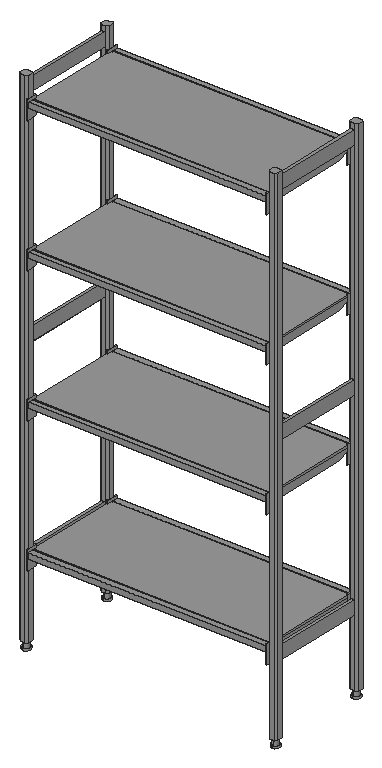
Revit family "QF_ZANUSSI_137011_ALS862", category Attrezzature speciali, Revit 2020
Family settings
  Quota connettore circolare = Usa diametro
  Tipo di parte = Normale
  Basato su piano di lavoro = No
  Sempre verticale = Sì
  Taglio con vuoti quando caricato = No
  Condiviso = No
  Punto di calcolo locali = No
Parameters (values of type "Standard")
  Weight = 17.00 kg
  Watts = 0 W
  Volts = 0 V
  URL Manufacturer = "http://www.zanussiprofessional.com"
  URL = "http://www.zanussiprofessional.com"
  Steam Supply Size = 0 mm
  Steam Supply Minimum Pressure = 0.0 Pa
  Steam Supply Maximum Pressure = 0.0 Pa
  Steam Consumption per Hour = 0
  Refrigeration Suction Line Size = 0.0 mm
  Refrigeration Liquid Line Size = 0.0 mm
  Refrigerant Compressor Remote = yes
  Prospetto di default = 0.0 mm
  Phase = 0
  Modello = "ALS862"
  Produttore = "Zanussi"
  Length Actual = 862.0 mm  # constant formula
  Item Number = "137011"
  Hot Water Size = 0 mm
  Height Actual = 1700.0 mm  # constant formula
  HP = "0 HP"
  Gas Size = 0 mm
  Gas KW = 0
  Gas Input Pressure = 0 W
  Direct Waste Size = 0 mm
  Descrizione = "ALUM.LINEAR SHELV.-POLY.TIERS-373X862MM"
  Depth Actual = 373.0 mm  # constant formula
  Cycle = 0 Hz
  Condensate Return Size = 0 mm
  Compressed Air Volume = 0.0 L/s
  Compressed Air Size = 0 mm
  Compressed Air Pressure = 0.0 Pa
  Cold Water Size = 0 mm
  Accessory = yes
Reference planes
  plane 1: z = 0
  plane 2 "Center (Left/Right)": x = -31
  plane 3 "LEFT": x = -462
  plane 4 "RIGHT": x = 400
  plane 5 "BACK": y = 23
  plane 6 "FRONT": y = -350
  plane 7 "TOP": z = 1700
  plane 8: x = 395
  plane 9: x = -430
  plane 10: x = 368
  plane 11 "Center (Front/Back)": y = -163.5
  plane 12: x = 363
  plane 13: y = -8.5
  plane 14: y = -318.5
  plane 15 "FEET": z = 25
  plane 16: z = 275
  plane 17: z = 725
  plane 18: z = 1175
  plane 19: z = 1625
  plane 20 "CXLeft": x = -448
  plane 21 "CXRight": x = 386
  plane 22: y = 5.5
  plane 23 "CYBack": y = 5.5
  plane 24 "CYFront": y = -332.5
Forms (mm)
  Extrusion 1, solid, material "QF_Aluminum"
    sketch origin (-462, 0, 0) x (0, 1, 0) y (0, 0, 1)
      loop
        line (4, 1650.994) -> (4, 1632.998) -> (23, 1632.998) -> (23, 1650.994) -> (4, 1650.994)
      loop
        line (-331, 1650.994) -> (-350, 1650.994) -> (-350, 1632.998) -> (-331, 1632.998) -> (-331, 1650.994)
      loop
        line (4, 1200.994) -> (4, 1182.998) -> (23, 1182.998) -> (23, 1200.994) -> (4, 1200.994)
      loop
        line (-331, 1200.994) -> (-350, 1200.994) -> (-350, 1182.998) -> (-331, 1182.998) -> (-331, 1200.994)
      loop
        line (4, 750.994) -> (4, 732.998) -> (23, 732.998) -> (23, 750.994) -> (4, 750.994)
      loop
        line (-331, 750.994) -> (-350, 750.994) -> (-350, 732.998) -> (-331, 732.998) -> (-331, 750.994)
      loop
        line (4, 300.994) -> (4, 282.998) -> (23, 282.998) -> (23, 300.994) -> (4, 300.994)
      loop
        line (-331, 300.994) -> (-350, 300.994) -> (-350, 282.998) -> (-331, 282.998) -> (-331, 300.994)
    from 32 to 830
  Extrusion 2, solid, material "QF_Polyethylene"
    sketch origin (-462, 0, 0) x (0, 1, 0) y (0, 0, 1)
      loop
        line (2.007, 1650.994) -> (-329, 1650.994) -> (-329, 1644.496) -> (2.007, 1644.496) -> (2.007, 1650.994)
      loop
        line (2.007, 1200.994) -> (-329, 1200.994) -> (-329, 1194.496) -> (2.007, 1194.496) -> (2.007, 1200.994)
      loop
        line (2.007, 750.994) -> (-329, 750.994) -> (-329, 744.496) -> (2.007, 744.496) -> (2.007, 750.994)
      loop
        line (2.007, 300.994) -> (-329, 300.994) -> (-329, 294.496) -> (2.007, 294.496) -> (2.007, 300.994)
    from 32 to 830
  Extrusion 3, solid, material "QF_Aluminum"
    sketch origin (400, 0, 0) x (0, 1, 0) y (0, 0, 1)
      loop
        line (-12, 1632.998) -> (4, 1632.998) -> (4, 1650.994) -> (2.007, 1650.994) -> (2.007, 1644.496) -> (-329, 1644.496) -> (-329, 1650.994) -> (-331, 1650.994) -> (-331, 1632.998) -> (-315, 1632.998) -> (-281, 1620.994) -> (-46, 1620.994) -> (-12, 1632.998)
      loop
        line (-12, 1182.998) -> (4, 1182.998) -> (4, 1200.994) -> (2.007, 1200.994) -> (2.007, 1194.496) -> (-329, 1194.496) -> (-329, 1200.994) -> (-331, 1200.994) -> (-331, 1182.998) -> (-315, 1182.998) -> (-281, 1170.994) -> (-46, 1170.994) -> (-12, 1182.998)
      loop
        line (-12, 732.998) -> (4, 732.998) -> (4, 750.994) -> (2.007, 750.994) -> (2.007, 744.496) -> (-329, 744.496) -> (-329, 750.994) -> (-331, 750.994) -> (-331, 732.998) -> (-315, 732.998) -> (-281, 720.994) -> (-46, 720.994) -> (-12, 732.998)
      loop
        line (-12, 282.998) -> (4, 282.998) -> (4, 300.994) -> (2.007, 300.994) -> (2.007, 294.496) -> (-329, 294.496) -> (-329, 300.994) -> (-331, 300.994) -> (-331, 282.998) -> (-315, 282.998) -> (-281, 270.994) -> (-46, 270.994) -> (-12, 282.998)
    from -32 to -37
Lines and regions (mm)
  symbolic lines
    curve 1: line (368, 4, 1700) -> (-430, 4, 1700)
    curve 2: line (-434, 23, 1700) -> (372, 23, 1700)
    curve 3: line (372, 13.246, 1700) -> (378.254, 19.5, 1700)
    curve 4: line (378.254, -8.5, 1700) -> (372, -2.246, 1700)
    curve 5: line (378.254, -318.5, 1700) -> (372, -324.754, 1700)
    curve 6: line (-434, -350, 1700) -> (372, -350, 1700)
    curve 7: line (372, 23, 1700) -> (372, -12.993, 1700)
    curve 8: line (372, -12.993, 1700) -> (368, -12.993, 1700)
    curve 9: line (372, -350, 1700) -> (372, -314.007, 1700)
    curve 10: line (372, -314.007, 1700) -> (368, -314.007, 1700)
    curve 11: line (-430, -12.993, 1700) -> (-430, -314.007, 1700)
    curve 12: line (-430, -331, 1700) -> (368, -331, 1700)
    curve 13: line (368, -12.993, 1700) -> (368, -314.007, 1700)
Dimensions and locks
  locked: plane 3 "LEFT" to plane 4 "RIGHT" at 862
  equal spacing: plane 3 "LEFT", plane 2 "Center (Left/Right)", plane 4 "RIGHT"
  locked: plane 7 "TOP" to level at 1700
  locked: plane 5 "BACK" to plane 6 "FRONT" at 373
  locked: plane 4 "RIGHT" to plane 8 at 5
  locked: plane 9 to plane 10 at 798
  locked: plane 3 "LEFT" to plane 9 at 32
  plane 12 to plane 10 = 5.0 mm
  locked: plane 13 to plane 14 at 310
  equal spacing: plane 13, plane 11 "Center (Front/Back)", plane 14
  equal spacing: plane 5 "BACK", plane 11 "Center (Front/Back)", plane 6 "FRONT"
  plane 15 "FEET" to level = 25.0 mm
  plane 7 "TOP" to plane 15 "FEET" = 1675.0 mm
  plane 16 to plane 15 "FEET" = 250.0 mm
  plane 17 to plane 16 = 450.0 mm
  plane 18 to plane 17 = 450.0 mm
  plane 19 to plane 18 = 450.0 mm
  locked: plane 3 "LEFT" to plane 20 "CXLeft" at 14
  locked: plane 21 "CXRight" to plane 4 "RIGHT" at 14
  locked: plane 5 "BACK" to plane 23 "CYBack" at 17.5
  locked: plane 24 "CYFront" to plane 6 "FRONT" at 17.5
  aligned and locked: level to plane 1
  aligned and locked: plane 9 to Extrusion 2
  aligned and locked: Extrusion 2 to plane 10
  aligned and locked: plane 9 to Extrusion 1
  aligned and locked: Extrusion 1 to plane 10
  aligned and locked: Extrusion 1 sketch curve to Extrusion 1 sketch curve  (x2)
  aligned and locked: Extrusion 3 sketch curve to Extrusion 3 sketch curve  (x3)
  aligned and locked: Extrusion 3 to plane 12
  aligned and locked: Extrusion 3 to plane 10
  aligned and locked: plane 20 "CXLeft" to nested 1
  aligned and locked: plane 21 "CXRight" to nested 2
Automatic sketch dimensions
  Extrusion 1 sketch curve to plane 6 "FRONT" = 0.0 mm  (x4)
  Extrusion 1 sketch curve to plane 5 "BACK" = 0.0 mm  (x4)
  plane 24 "CYFront" to Extrusion 1 sketch curve = 1.5 mm  (x2)
  plane 22 to Extrusion 1 sketch curve = 1.5 mm  (x4)
  plane 16 to Extrusion 1 sketch curve = 7.998 mm  (x2)
  Extrusion 1 sketch curve to Extrusion 1 sketch curve = 17.997 mm  (x8)
  plane 17 to Extrusion 1 sketch curve = 7.998 mm  (x2)
  plane 18 to Extrusion 1 sketch curve = 7.998 mm  (x2)
  plane 19 to Extrusion 1 sketch curve = 7.998 mm  (x2)
  plane 24 "CYFront" to Extrusion 2 sketch curve = 3.5 mm  (x4)
  plane 22 to Extrusion 2 sketch curve = 3.493 mm  (x4)
  plane 16 to Extrusion 2 sketch curve = 19.496 mm
  Extrusion 2 sketch curve to Extrusion 2 sketch curve = 6.499 mm  (x4)
  plane 17 to Extrusion 2 sketch curve = 19.496 mm
  plane 18 to Extrusion 2 sketch curve = 19.496 mm
  plane 19 to Extrusion 2 sketch curve = 19.496 mm
  plane 24 "CYFront" to Extrusion 3 sketch curve = 1.5 mm  (x4)
  Extrusion 3 sketch curve to Extrusion 3 sketch curve = 2.0 mm
  plane 14 to Extrusion 3 sketch curve = 3.5 mm  (x4)
  Extrusion 3 sketch curve to plane 16 = 4.006 mm
  Extrusion 3 sketch curve to Extrusion 3 sketch curve = 34.0 mm  (x4)
  Extrusion 3 sketch curve to plane 17 = 4.006 mm
  Extrusion 3 sketch curve to plane 18 = 4.006 mm
  Extrusion 3 sketch curve to plane 19 = 4.006 mm
  Extrusion 3 sketch curve to plane 13 = 37.5 mm  (x4)
  Extrusion 3 sketch curve to plane 13 = 3.5 mm  (x4)
  plane 22 to Extrusion 3 sketch curve = 3.493 mm  (x4)
  plane 22 to Extrusion 3 sketch curve = 1.5 mm  (x4)
  plane 16 to Extrusion 3 sketch curve = 7.998 mm  (x2)
  Extrusion 3 sketch curve to Extrusion 3 sketch curve = 11.498 mm  (x4)
  Extrusion 3 sketch curve to Extrusion 3 sketch curve = 6.499 mm  (x8)
  plane 17 to Extrusion 3 sketch curve = 7.998 mm  (x2)
  plane 18 to Extrusion 3 sketch curve = 7.998 mm  (x2)
  plane 19 to Extrusion 3 sketch curve = 7.998 mm  (x2)
  curve 6 to plane 6 "FRONT" = 0.0 mm
  curve 12 to plane 9 = 0.0 mm
  curve 12 to plane 10 = 0.0 mm
  curve 5 to plane 14 = 0.0 mm
  curve 11 to plane 9 = 0.0 mm
  curve 8 to plane 10 = 0.0 mm
  curve 4 to plane 13 = 0.0 mm
  curve 1 to plane 9 = 0.0 mm
  curve 1 to plane 10 = 0.0 mm
  curve 2 to plane 5 "BACK" = 0.0 mm
  plane 14 to curve 10 = 4.493 mm
  curve 7 to plane 13 = 4.493 mm
  curve 10 to plane 10 = 4.0 mm
  curve 7 to plane 10 = 4.0 mm
  plane 24 "CYFront" to curve 12 = 1.5 mm
  curve 5 to plane 14 = 6.254 mm
  plane 14 to curve 11 = 4.493 mm
  curve 11 to plane 13 = 4.493 mm
  plane 13 to curve 4 = 6.254 mm
  plane 22 to curve 1 = 1.5 mm
  curve 3 to plane 22 = 7.746 mm
  curve 3 to plane 5 "BACK" = 3.5 mm
  curve 5 to curve 9 = 6.254 mm
  curve 3 to curve 2 = 6.254 mm
  curve 4 to curve 7 = 6.254 mm
  plane 9 to curve 2 = 4.0 mm
  plane 9 to curve 6 = 4.0 mm
Nested families
  nested 1: "WT_Anta373" at (-45, 0, 0), type "WT_Anta373"
  nested 2: "WT_Anta373" at (-17, 0, 0) x (-1, 0, 0) z (0, 0, 1), type "WT_Anta373"
Definition of nested family "WT_Anta373"
  Parameters
    WidthLeft = A + 64.0 mm  # 772.0 mm
    Width = 1606.0 mm
    Right = WidthLeft / 2  # 386.0 mm
    Default Elevation = 0.0 mm
    Left = -WidthLeft / 2  # -386.0 mm
    Height = 1725.0 mm
    FEET = 25.0 mm
    E = 0.0 mm
    Dint = Depth - 63.0 mm  # 310.0 mm
    Dext = Depth - 8.0 mm  # 365.0 mm
    Depth = 373.0 mm
    DX = (WidthLeft - A) / 2  # 32.0 mm
    B = 798.0 mm
    A = 708.0 mm
  Reference planes
    plane 1: z = 0
    plane 2 "LEFT": x = -417
    plane 3 "BACK": y = 23
    plane 4 "FRONT": y = -350
    plane 5 "TOP": z = 1725
    plane 6 "Center (Front/Back)": y = -163.5
    plane 7: y = -8.5
    plane 8: y = -318.5
    plane 9 "FEET": z = 25
    plane 10: z = 275
    plane 11: z = 725
    plane 12: z = 1175
    plane 13: z = 1625
    plane 14 "CXLeft": x = -403
    plane 15: y = 5.5
    plane 16 "CYBack": y = 5.5
    plane 17 "CYFront": y = -332.5
    plane 18: x = -385.031
    plane 19: x = -380.031
  Forms (mm)
    Extrusion 1, solid
      sketch origin (0, 0, 0) x (1, 0, 0) y (0, 1, 0)
        loop
          line (-417, 13.246) -> (-417, -2.246) -> (-410.746, -8.5) -> (-395.254, -8.5) -> (-389, -2.246) -> (-389, 13.246) -> (-395.254, 19.5) -> (-410.746, 19.5) -> (-417, 13.246)
      from 1725 to 25
    Extrusion 2, solid
      sketch origin (-417, 0, 0) x (0, 1, 0) y (0, 0, 1)
        loop
          line (23, 246.005) -> (23, 307.993) -> (-12.993, 307.993) -> (-12.993, 246.005) -> (23, 246.005)
        loop
          line (-350, 246.005) -> (-314.007, 246.005) -> (-314.007, 307.993) -> (-350, 307.993) -> (-350, 246.005)
        loop
          line (23, 696.005) -> (23, 757.993) -> (-12.993, 757.993) -> (-12.993, 696.005) -> (23, 696.005)
        loop
          line (-350, 696.005) -> (-314.007, 696.005) -> (-314.007, 757.993) -> (-350, 757.993) -> (-350, 696.005)
        loop
          line (23, 1146.005) -> (23, 1207.993) -> (-12.993, 1207.993) -> (-12.993, 1146.005) -> (23, 1146.005)
        loop
          line (-350, 1146.005) -> (-314.007, 1146.005) -> (-314.007, 1207.993) -> (-350, 1207.993) -> (-350, 1146.005)
        loop
          line (23, 1596.005) -> (23, 1657.993) -> (-12.993, 1657.993) -> (-12.993, 1596.005) -> (23, 1596.005)
        loop
          line (-350, 1596.005) -> (-314.007, 1596.005) -> (-314.007, 1657.993) -> (-350, 1657.993) -> (-350, 1596.005)
      from 28 to 32
    Revolve 3, solid
      sketch origin (-403, 0, 0) x (0, 1, 0) y (0, 0, 1)
        loop
          line (5.5, 25) -> (5.5, 0) -> (19, 0) -> (19, 5) -> (14, 5) -> (14, 25) -> (5.5, 25)
        axis (5.5, 25) -> (5.5, 0)
      angle from 0 to 360
    Extrusion 4, solid
      sketch origin (-403, 0, 0) x (0, 1, 0) y (0, 0, 1)
        loop
          line (-8.5, 912.382) -> (-8.5, 957.374) -> (-318.5, 957.374) -> (-318.5, 912.382) -> (-8.5, 912.382)
        loop
          line (-8.5, 1662.244) -> (-8.5, 1707.236) -> (-318.5, 1707.236) -> (-318.5, 1662.244) -> (-8.5, 1662.244)
      from -5 to 5
    Revolve 5, solid
      sketch origin (-403, -627, 0) x (0, -1, 0) y (0, 0, 1)
        loop
          line (-294.5, 25) -> (-294.5, 0) -> (-281, 0) -> (-281, 5) -> (-286, 5) -> (-286, 25) -> (-294.5, 25)
        axis (-294.5, 25) -> (-294.5, 0)
      angle from 0 to 360
    Extrusion 6, solid
      sketch origin (0, -627, 0) x (1, 0, 0) y (0, 1, 0)
        loop
          line (-417, 286.754) -> (-410.746, 280.5) -> (-395.254, 280.5) -> (-389, 286.754) -> (-389, 302.246) -> (-395.254, 308.5) -> (-410.746, 308.5) -> (-417, 302.246) -> (-417, 286.754)
      from 1725 to 25
    Extrusion 7, solid
      sketch origin (-417.031, -0.022, 0) x (0, 1, 0) y (0, 0, -1)
        loop
          line (-12, -1632.998) -> (-46, -1620.994) -> (-281, -1620.994) -> (-315, -1632.998) -> (-331, -1632.998) -> (-331, -1650.994) -> (-329, -1650.994) -> (-329, -1644.496) -> (2.007, -1644.496) -> (2.007, -1650.994) -> (4, -1650.994) -> (4, -1632.998) -> (-12, -1632.998)
        loop
          line (-12, -1182.998) -> (-46, -1170.994) -> (-281, -1170.994) -> (-315, -1182.998) -> (-331, -1182.998) -> (-331, -1200.994) -> (-329, -1200.994) -> (-329, -1194.496) -> (2.007, -1194.496) -> (2.007, -1200.994) -> (4, -1200.994) -> (4, -1182.998) -> (-12, -1182.998)
        loop
          line (-12, -732.998) -> (-46, -720.994) -> (-281, -720.994) -> (-315, -732.998) -> (-331, -732.998) -> (-331, -750.994) -> (-329, -750.994) -> (-329, -744.496) -> (2.007, -744.496) -> (2.007, -750.994) -> (4, -750.994) -> (4, -732.998) -> (-12, -732.998)
        loop
          line (-12, -282.998) -> (-46, -270.994) -> (-281, -270.994) -> (-315, -282.998) -> (-331, -282.998) -> (-331, -300.994) -> (-329, -300.994) -> (-329, -294.496) -> (2.007, -294.496) -> (2.007, -300.994) -> (4, -300.994) -> (4, -282.998) -> (-12, -282.998)
      from -32 to -37
    Extrusion 8, solid
      sketch origin (-403, 0, -659.878) x (0, 1, 0) y (0, 0, 1)
        loop
          line (-8.5, 912.382) -> (-8.5, 957.374) -> (-318.5, 957.374) -> (-318.5, 912.382) -> (-8.5, 912.382)
        loop
          line (-8.5, 1572.382) -> (-8.5, 1617.374) -> (-318.5, 1617.374) -> (-318.5, 1572.382) -> (-8.5, 1572.382)
        loop
          line (-8.5, 2322.382) -> (-8.5, 2367.374) -> (-318.5, 2367.374) -> (-318.5, 2322.382) -> (-8.5, 2322.382)
      from -5 to 5
  Lines and regions (mm)
    symbolic lines
      curve 1: line (-408, -8.5, 1725) -> (-408, -318.5, 1725)
      curve 2: line (-398, -318.5, 1725) -> (-398, -8.5, 1725)
      curve 3: line (-395.254, -8.5, 1725) -> (-410.746, -8.5, 1725)
      curve 4: line (-417, -2.246, 1725) -> (-410.746, -8.5, 1725)
      curve 5: line (-417, 13.246, 1725) -> (-417, -2.246, 1725)
      curve 6: line (-410.746, 19.5, 1725) -> (-417, 13.246, 1725)
      curve 7: line (-395.254, 19.5, 1725) -> (-410.746, 19.5, 1725)
      curve 8: line (-389, 13.246, 1725) -> (-395.254, 19.5, 1725)
      curve 9: line (-395.254, -8.5, 1725) -> (-389, -2.246, 1725)
      curve 10: line (-395.254, -318.5, 1725) -> (-410.746, -318.5, 1725)
      curve 11: line (-417, -324.754, 1725) -> (-410.746, -318.5, 1725)
      curve 12: line (-410.746, -346.5, 1725) -> (-417, -340.246, 1725)
      curve 13: line (-395.254, -346.5, 1725) -> (-410.746, -346.5, 1725)
      curve 14: line (-389, -340.246, 1725) -> (-395.254, -346.5, 1725)
      curve 15: line (-395.254, -318.5, 1725) -> (-389, -324.754, 1725)
      curve 16: line (-389, -350, 1725) -> (-389, -314.007, 1725)
      curve 17: line (-389, -314.007, 1725) -> (-385, -314.007, 1725)
      curve 18: line (-389, 23, 1725) -> (-389, -12.993, 1725)
      curve 19: line (-389, -12.993, 1725) -> (-385, -12.993, 1725)
      curve 20: line (-417, -324.754, 1725) -> (-417, -340.246, 1725)
      curve 21: line (-385, -350, 1725) -> (-385, -314.007, 1725)
      curve 22: line (-385, -350, 1725) -> (-389, -350, 1725)
      curve 23: line (-385, 23, 1725) -> (-389, 23, 1725)
      curve 24: line (-385, -12.993, 1725) -> (-385, 23, 1725)
      curve 25: line (-385.031, -13.016, 1725) -> (-385.031, -314.029, 1725)
  Dimensions and locks
    "Height": plane 5 "TOP" to level
    "Depth": plane 3 "BACK" to plane 4 "FRONT"
    "Dint": plane 7 to plane 8
    equal spacing: plane 7, plane 6 "Center (Front/Back)", plane 8
    equal spacing: plane 3 "BACK", plane 6 "Center (Front/Back)", plane 4 "FRONT"
    plane 9 "FEET" to level = 25.0 mm
    plane 5 "TOP" to plane 9 "FEET" = 1700.0 mm
    plane 10 to plane 9 "FEET" = 250.0 mm
    plane 11 to plane 10 = 450.0 mm
    plane 12 to plane 11 = 450.0 mm
    plane 13 to plane 12 = 450.0 mm
    locked: plane 2 "LEFT" to plane 14 "CXLeft" at 14
    locked: plane 3 "BACK" to plane 16 "CYBack" at 17.5
    locked: plane 17 "CYFront" to plane 4 "FRONT" at 17.5
    locked: Revolve 3 sketch curve to Revolve 3 sketch curve at 8.5
    locked: Revolve 3 sketch curve to plane 16 "CYBack" at 13.5
    locked: Revolve 5 sketch curve to Revolve 5 sketch curve at 8.5
    aligned and locked: level to plane 1
    aligned and locked: curve 20 to Extrusion 6
    aligned and locked: plane 5 "TOP" to Extrusion 1
    aligned and locked: plane 5 "TOP" to Extrusion 6
    aligned and locked: Extrusion 7 sketch curve to Extrusion 7 sketch curve  (x3)
  Automatic sketch dimensions
    curve 16 to plane 4 "FRONT" = 0.0 mm
    curve 11 to plane 8 = 0.0 mm
    curve 9 to plane 7 = 0.0 mm
    curve 5 to plane 2 "LEFT" = 0.0 mm
    curve 23 to plane 3 "BACK" = 0.0 mm
    plane 4 "FRONT" to curve 13 = 3.5 mm
    curve 20 to plane 17 "CYFront" = 7.746 mm
    curve 20 to plane 8 = 6.254 mm
    plane 8 to curve 16 = 4.493 mm
    curve 24 to plane 18 = 0.031 mm
    curve 24 to plane 7 = 4.493 mm
    plane 7 to curve 5 = 6.254 mm
    curve 5 to plane 15 = 7.746 mm
    curve 6 to plane 3 "BACK" = 3.5 mm
    curve 21 to plane 18 = 0.031 mm
    plane 18 to curve 23 = 3.969 mm
    plane 18 to curve 16 = 3.969 mm
    curve 18 to curve 8 = 6.254 mm
    curve 18 to curve 3 = 6.254 mm
    curve 16 to curve 13 = 6.254 mm
    curve 16 to curve 15 = 6.254 mm
    plane 2 "LEFT" to curve 10 = 6.254 mm
    plane 2 "LEFT" to curve 7 = 6.254 mm
    plane 2 "LEFT" to curve 12 = 6.254 mm
    plane 2 "LEFT" to curve 3 = 6.254 mm
    curve 14 to plane 17 "CYFront" = 7.746 mm
    curve 15 to plane 8 = 6.254 mm
    plane 7 to curve 9 = 6.254 mm
    curve 8 to plane 15 = 7.746 mm
    curve 3 to curve 2 = 2.746 mm
    curve 1 to curve 10 = 2.746 mm
    Extrusion 1 sketch curve to plane 2 "LEFT" = 0.0 mm
    Extrusion 1 sketch curve to plane 7 = 0.0 mm
    plane 2 "LEFT" to Extrusion 1 sketch curve = 6.254 mm  (x2)
    plane 14 "CXLeft" to Extrusion 1 sketch curve = 7.746 mm  (x2)
    Extrusion 1 sketch curve to plane 3 "BACK" = 3.5 mm
    plane 18 to Extrusion 1 sketch curve = 3.969 mm
    plane 7 to Extrusion 1 sketch curve = 6.254 mm  (x2)
    Extrusion 1 sketch curve to plane 15 = 7.746 mm  (x2)
    Extrusion 2 sketch curve to plane 4 "FRONT" = 0.0 mm  (x4)
    Extrusion 2 sketch curve to plane 3 "BACK" = 0.0 mm  (x4)
    plane 8 to Extrusion 2 sketch curve = 4.493 mm  (x4)
    Extrusion 2 sketch curve to plane 7 = 4.493 mm  (x4)
    Extrusion 2 sketch curve to plane 10 = 28.995 mm  (x2)
    plane 10 to Extrusion 2 sketch curve = 32.993 mm  (x2)
    Extrusion 2 sketch curve to plane 11 = 28.995 mm  (x2)
    plane 11 to Extrusion 2 sketch curve = 32.993 mm  (x2)
    Extrusion 2 sketch curve to plane 12 = 28.995 mm  (x2)
    plane 12 to Extrusion 2 sketch curve = 32.993 mm  (x2)
    Extrusion 2 sketch curve to plane 13 = 28.995 mm  (x2)
    plane 13 to Extrusion 2 sketch curve = 32.993 mm  (x2)
    Revolve 3 sketch curve to plane 9 "FEET" = 0.0 mm  (x2)
    Revolve 3 sketch curve to plane 15 = 0.0 mm  (x2)
    Revolve 3 sketch curve to level = 0.0 mm
    level to Revolve 3 sketch curve = 5.0 mm
    Revolve 3 sketch curve to Revolve 3 sketch curve = 11.655 mm
    Extrusion 4 sketch curve to plane 8 = 0.0 mm  (x2)
    Extrusion 4 sketch curve to plane 7 = 0.0 mm  (x2)
    plane 11 to Extrusion 4 sketch curve = 187.382 mm
    Extrusion 4 sketch curve to Extrusion 4 sketch curve = 44.992 mm
    plane 13 to Extrusion 4 sketch curve = 37.244 mm
    Extrusion 4 sketch curve to plane 5 "TOP" = 17.764 mm
    Revolve 5 sketch curve to plane 9 "FEET" = 0.0 mm  (x2)
    Revolve 5 sketch curve to plane 17 "CYFront" = 0.0 mm  (x2)
    Revolve 5 sketch curve to level = 0.0 mm
    Revolve 5 sketch curve to plane 4 "FRONT" = 4.0 mm
    Revolve 5 sketch curve to Revolve 5 sketch curve = 5.0 mm
    level to Revolve 5 sketch curve = 11.655 mm
    Extrusion 6 sketch curve to plane 2 "LEFT" = 0.0 mm
    Extrusion 6 sketch curve to plane 8 = 0.0 mm
    Extrusion 6 sketch curve to plane 2 "LEFT" = 6.254 mm  (x2)
    Extrusion 6 sketch curve to plane 14 "CXLeft" = 7.746 mm  (x2)
    Extrusion 6 sketch curve to plane 4 "FRONT" = 3.5 mm
    Extrusion 6 sketch curve to plane 18 = 3.969 mm
    plane 8 to Extrusion 6 sketch curve = 6.254 mm  (x2)
    plane 17 "CYFront" to Extrusion 6 sketch curve = 7.746 mm  (x2)
    plane 17 "CYFront" to Extrusion 7 sketch curve = 1.478 mm  (x4)
    Extrusion 7 sketch curve to Extrusion 7 sketch curve = 2.0 mm
    plane 8 to Extrusion 7 sketch curve = 3.478 mm  (x4)
    Extrusion 7 sketch curve to plane 10 = 4.006 mm
    Extrusion 7 sketch curve to Extrusion 7 sketch curve = 34.0 mm  (x4)
    Extrusion 7 sketch curve to plane 11 = 4.006 mm
    Extrusion 7 sketch curve to plane 12 = 4.006 mm
    Extrusion 7 sketch curve to plane 13 = 4.006 mm
    Extrusion 7 sketch curve to plane 7 = 37.522 mm  (x4)
    Extrusion 7 sketch curve to plane 7 = 3.522 mm  (x4)
    plane 15 to Extrusion 7 sketch curve = 3.516 mm  (x4)
    plane 15 to Extrusion 7 sketch curve = 1.522 mm  (x4)
    plane 13 to Extrusion 7 sketch curve = 7.998 mm  (x2)
    Extrusion 7 sketch curve to Extrusion 7 sketch curve = 11.498 mm
    Extrusion 7 sketch curve to Extrusion 7 sketch curve = 6.499 mm  (x5)
    plane 12 to Extrusion 7 sketch curve = 25.994 mm  (x2)
    plane 12 to Extrusion 7 sketch curve = 7.998 mm  (x2)
    plane 11 to Extrusion 7 sketch curve = 25.994 mm  (x2)
    plane 11 to Extrusion 7 sketch curve = 7.998 mm  (x2)
    plane 10 to Extrusion 7 sketch curve = 25.994 mm  (x2)
    plane 10 to Extrusion 7 sketch curve = 7.998 mm  (x2)
    curve 25 to plane 18 = 0.0 mm
    plane 8 to curve 25 = 4.471 mm
    curve 25 to plane 7 = 4.516 mm
    Extrusion 8 sketch curve to plane 8 = 0.0 mm  (x3)
    Extrusion 8 sketch curve to plane 7 = 0.0 mm  (x3)
    Extrusion 8 sketch curve to plane 10 = 22.496 mm
    plane 10 to Extrusion 8 sketch curve = 22.496 mm
    plane 11 to Extrusion 8 sketch curve = 187.504 mm
    Extrusion 8 sketch curve to Extrusion 8 sketch curve = 44.992 mm
    plane 13 to Extrusion 8 sketch curve = 37.504 mm
    Extrusion 8 sketch curve to plane 5 "TOP" = 17.504 mm
